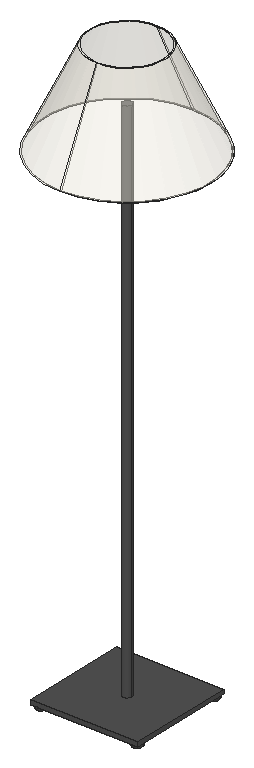
Revit family "M_Abajur de pé - De pé", category Luminárias, Revit 2019
Family settings
  Cota do conector redondo = Utilizar diâmetro
  Tipo de parte = Normal
  Número OmniClass = 23.80.70.11.11
  Título OmniClass = General Luminaries, Non Directional
  ID de item do Seek = Floor Lamp - Standup-0000-CAN-ENU
  Com base no plano de trabalho = Não
  Sempre na vertical = Sim
  Corte com vazios quando carregada = Não
  Fonte luminosa = Sim
  Compartilhado = Não
  Ponto de cálculo do ambiente = Não
Parameters (values of type "100W - 120V")
  Wattage = 100 W
  built-in parameter 1150110 = 1 (stored number, unit not read)
  built-in parameter 1114217 = 1 (stored number, unit not read)
  built-in parameter 1150109 = 1 (stored number, unit not read)
  built-in parameter 1150134 = 4
  built-in parameter 1150113 = 1 (stored number, unit not read)
  Tilt Angle = 90.00°
  Arquivo de rede fotométrica = "FLH1A19.IES"
  built-in parameter 1150115 = 1 (stored number, unit not read)
  built-in parameter 1150105 = 139.26 (stored number, unit not read)
  Classificação de carga = Iluminação - Unidade de interrupção
  built-in parameter 1150137 = 1
  built-in parameter 1150139 = (empty or 0)
  built-in parameter 1150112 = 1 (stored number, unit not read)
  built-in parameter 1150114 = 1 (stored number, unit not read)
  built-in parameter 1150132 = (empty or 0)
  built-in parameter 1150102 = (empty or 0)
  built-in parameter 1150138 = (empty or 0)
  built-in parameter 1150107 = 2800 (stored number, unit not read)
  built-in parameter 1150106 = 1.3926 (stored number, unit not read)
  built-in parameter 1150104 = 1.6258 (stored number, unit not read)
  Dimming Lamp Color Temperature Shift = (empty or 0)
  Color Filter = 16777215
  Voltagem = 120 V
  Número de pólos = 1
  built-in parameter 1114218 = 1 (stored number, unit not read)
  built-in parameter 1150133 = 10 (stored number, unit not read)
  Código de montagem = "D5020220"
  Lâmpada = "A-19"
  Lumens = 1750 lm
  Material de sombra = Plástico, Sombra da lâmpada
  Material do suporte = Aço, Cromo polido
  Comentários de voltagem = "100"
  Carga aparente = 100 VA
Types (5, lengths in mm): name | Wattage | Arquivo de rede fotométrica | built-in parameter 1150105 | built-in parameter 1150106 | built-in parameter 1150104 | Voltagem | Lâmpada | Lumens | Comentários de voltagem | Carga aparente
  (no name) | 100 W | "FLH1A19.IES" | 139.26 (stored number, unit not read) | 1.3926 (stored number, unit not read) | 1.6258 (stored number, unit not read) | 120 V | "A-19" | 1750 lm | "100" | 100 VA
  100W - 120V | 100 W | "FLH1A19.IES" | 139.26 (stored number, unit not read) | 1.3926 (stored number, unit not read) | 1.6258 (stored number, unit not read) | 120 V | "A-19" | 1750 lm | "100" | 100 VA
  100W - 277V | 100 W | "FLH1A19.IES" | 139.26 (stored number, unit not read) | 1.3926 (stored number, unit not read) | 1.6258 (stored number, unit not read) | 277 V | "A-19" | 1750 lm | "100" | 100 VA
  150W - 277V | 150 W | "FLS1A21.IES" | 226.8 (stored number, unit not read) | 2.268 (stored number, unit not read) | 1.7652 (stored number, unit not read) | 277 V | "A-21" | 2850 lm | "150" | 150 VA
  150W - 120V | 150 W | "FLS1A21.IES" | 226.8 (stored number, unit not read) | 2.268 (stored number, unit not read) | 1.7652 (stored number, unit not read) | 120 V | "A-21" | 2850 lm | "150" | 150 VA
Reference planes
  plane 1 "Eixo de origem da luz": y = 0
  plane 2: z = 0
  plane 3 "Eixo de origem da luz": x = 0
  plane 4: y = 134.618
  plane 5 "Elevação da origem da luz": z = 1592.529
Forms (mm)
  Revolve 1, solid, material "Aço, Cromo polido" <- "Material do suporte"
    sketch origin (136.32, -210.458, 0) x (0, 1, 0) y (0, 0, 1)
      loop
        arc (349.625, 0) -> (358.596, 3.716) -> (362.312, 12.687) r 12.687
        line (362.312, 12.687) -> (349.625, 12.687) -> (349.625, 0)
      axis (346.516, 0) -> (346.516, 12.687)
    angle from -90 to 270
  Revolve 2, solid, material "Aço, Cromo polido" <- "Material do suporte"
    sketch origin (-136.032, -210.819, 0) x (0, 1, 0) y (0, 0, 1)
      loop
        arc (349.625, 0) -> (358.596, 3.716) -> (362.312, 12.687) r 12.687
        line (362.312, 12.687) -> (349.625, 12.687) -> (349.625, 0)
      axis (346.516, 0) -> (346.516, 12.687)
    angle from -90 to 270
  Revolve 3, solid, material "Aço, Cromo polido" <- "Material do suporte"
    sketch origin (-135.437, -482.706, 0) x (0, 1, 0) y (0, 0, 1)
      loop
        arc (349.625, 0) -> (358.596, 3.716) -> (362.312, 12.687) r 12.687
        line (362.312, 12.687) -> (349.625, 12.687) -> (349.625, 0)
      axis (346.516, 0) -> (346.516, 12.687)
    angle from -90 to 270
  Revolve 4, solid, material "Aço, Cromo polido" <- "Material do suporte"
    sketch origin (137.046, -482.111, 0) x (0, 1, 0) y (0, 0, 1)
      loop
        arc (349.625, 0) -> (358.596, 3.716) -> (362.312, 12.687) r 12.687
        line (362.312, 12.687) -> (349.625, 12.687) -> (349.625, 0)
      axis (346.516, 0) -> (346.516, 12.687)
    angle from -90 to 270
  Extrusion 5, solid, material "Aço, Cromo polido" <- "Material do suporte"
    sketch origin (0, 0, 0) x (1, 0, 0) y (0, 1, 0)
      loop
        line (-152.4, 152.4) -> (-152.4, -152.4) -> (152.4, -152.4) -> (152.4, 152.4) -> (-152.4, 152.4)
    from 12.687 to 24.964
  Extrusion 6, solid, material "Aço, Cromo polido" <- "Material do suporte"
    sketch origin (0, 0, 24.964) x (1, 0, 0) y (0, 1, 0)
      loop
        circle (0, 0) r 12.7
    from 0 to 1499.036
  Revolve 7, solid, material "Plástico, Sombra da lâmpada" <- "Material de sombra"
    sketch origin (0, 0, 0) x (0, 1, 0) y (0, 0, 1)
      loop
        line (108.573, 1674.186) -> (104.059, 1674.186) -> (233.338, 1403.575) -> (237.852, 1403.575) -> (108.573, 1674.186)
      axis (0, 1674.186) -> (0, 1403.575)
    angle from 0 to 360
Lines and regions (mm)
  Masking region 1
    outline origin (0, 0, 0) x (1, 0, 0) y (0, 1, 0)
      loop
        circle (0, 0) r 241.3
  symbolic lines
    curve 1: arc (241.3, 0, 0) -> (0, 241.3, 0) -> (-241.3, 0, 0) r 241.3
    curve 2: arc (-241.3, 0, 0) -> (0, -241.3, 0) -> (241.3, 0, 0) r 241.3
    curve 3: arc (107.315, 0, 0) -> (0, 107.315, 0) -> (-107.315, 0, 0) r 107.315
    curve 4: arc (-107.315, 0, 0) -> (0, -107.315, 0) -> (107.315, 0, 0) r 107.315
Dimensions and locks
  aligned and locked: Extrusion 6 to Extrusion 5
  aligned and locked: Masking region 1 sketch curve to curve 1
  aligned and locked: imposter light to plane 3 "Eixo de origem da luz"
  aligned and locked: plane 1 "Eixo de origem da luz" to imposter light
  aligned and locked: plane 5 "Elevação da origem da luz" to imposter light
